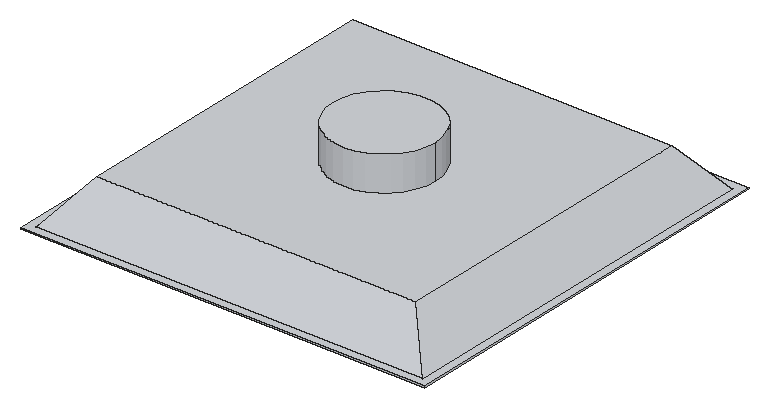
Revit family "CFO", category Air Terminals, Revit 2012
Parameters (values of type "CFO-E-R-06-24")
  URL = "http://www.innes.com.mx"
  Tipo = ""
  Minima velocidad de cuello = 0 FPM
  Minima presión estática = 0.00 in-wg
  Min Flow = 0 CFM
  Máxima velocidad de cuello = 0 FPM
  Máxima presión estática = 0.00 in-wg
  Máximo nivel de ruido (NC) = ""
  Max Flow = 0 CFM
  Material = ""
  Manufacturer = "INNES"
  Cuello redondo [instance] = yes
  Radio A = A Cuello / 2  # 3"
  Cuello cuadrado [instance] = no
  Cuello = ""
  C = B2 - 3"  # 19 3/4"
  B1 = B2 - 4"  # 18 3/4"
  B2 = B Plato - 1"  # 22 3/4"
  B Plato = 23 3/4"
  A1 = A Cuello - 1"  # 5"
  A Cuello = 6"
Types (5): name | URL | Tipo | Minima velocidad de cuello | Minima presión estática | Min Flow | Máxima velocidad de cuello | Máxima presión estática | Max Flow | Material | Manufacturer | Cuello redondo | Radio A | Cuello cuadrado | Cuello | C | B1 | B2 | B Plato | A1 | A Cuello
  (no name) | "http://www.innes.com.mx" | "" | 0 FPM | 0.00 in-wg | 0 CFM | 0 FPM | 0.00 in-wg | 0 CFM | "" | "INNES" | yes | 3" | no | "" | 19 3/4" | 18 3/4" | 22 3/4" | 23 3/4" | 5" | 6"
  CFO-E-C-06-24 | 0" | "" | 0 FPM | 0.00 in-wg | 0 CFM | 0 FPM | 0.00 in-wg | 0 CFM | "" | 0" | no | 3" | yes | "" | 19 3/4" | 18 3/4" | 22 3/4" | 23 3/4" | 5" | 6"
  CFO-E-R-06-24 | "http://www.innes.com.mx" | "" | 0 FPM | 0.00 in-wg | 0 CFM | 0 FPM | 0.00 in-wg | 0 CFM | "" | "INNES" | yes | 3" | no | "" | 19 3/4" | 18 3/4" | 22 3/4" | 23 3/4" | 5" | 6"
  CFO-D-R-06-12 | "http://www.innes.com.mx" | "Doblado" | 400 FPM | 0.019 in-wg | 80 CFM | 2000 FPM | 0.297 in-wg | 315 CFM | "Aluminio/Acero" | "INNES" | yes | 3" | no | "Redondo" | 7 3/4" | 6 3/4" | 10 3/4" | 11 3/4" | 5" | 6"
  CFO-D-R-08-12 | "http://www.innes.com.mx" | "Doblado" | 0 FPM | 0.00 in-wg | 0 CFM | 0 FPM | 0.00 in-wg | 0 CFM | "Aluminio/Acero" | "INNES" | yes | 4" | no | "Redondo" | 7 3/4" | 6 3/4" | 10 3/4" | 11 3/4" | 7" | 8"
Reference planes (in)
  plane 1 "Center (Front/Back)": y = 0
  plane 2: z = 0
  plane 3 "Center (Left/Right)": x = 0
  plane 4: x = -11.375
  plane 5: x = 11.375
  plane 6: y = 11.375
  plane 7: y = -11.375
  plane 8: x = -9.375
  plane 9: x = 9.375
  plane 10: y = 9.375
  plane 11: y = -9.375
  plane 12: x = -11.875
  plane 13: x = 11.875
  plane 14: y = 11.875
  plane 15: y = -11.875
  plane 16: x = -11.375
  plane 17: x = 11.375
  plane 18: y = -11.375
  plane 19: y = 11.375
  plane 20 "ref_1": z = -0.25
  plane 21: x = -9.875
  plane 22: y = -9.875
  plane 23: y = 9.875
  plane 24: x = 9.875
  plane 25 "ref_2": z = 4.5625
  plane 26: x = -3
  plane 27: x = 3
  plane 28: y = -3
  plane 29: y = 3
  plane 30: x = -2.5
  plane 31: y = 2.5
  plane 32: y = -2.5
  plane 33: x = 2.5
  plane 34: x = -3
  plane 35: x = 3
  plane 36: y = -3
  plane 37: y = 3
Forms (in)
  Blend 1, solid
    base sketch origin (0, 0, 0) x (1, 0, 0) y (0, 1, 0)
      loop
        line (-11.375, 11.375) -> (-11.375, -11.375) -> (11.375, -11.375) -> (11.375, 11.375) -> (-11.375, 11.375)
    top sketch origin (0, 0, 0) x (1, 0, 0) y (0, 1, 0)
      loop
        line (-9.375, 9.375) -> (-9.375, -9.375) -> (9.375, -9.375) -> (9.375, 9.375) -> (-9.375, 9.375)
    from 0 to 2.53125
  Extrusion 2, solid
    sketch origin (0, 0, 0) x (1, 0, 0) y (0, 1, 0)
      loop
        line (-11.875, 11.875) -> (-11.875, -11.875) -> (11.875, -11.875) -> (11.875, 11.875) -> (-11.875, 11.875)
      loop
        line (-11.375, 11.375) -> (-11.375, -11.375) -> (11.375, -11.375) -> (11.375, 11.375) -> (-11.375, 11.375)
    from 0 to 0.0625
  Extrusion 3, solid
    sketch origin (0, 0, -0.25) x (-1, 0, 0) y (0, -1, 0)
      loop
        line (9.875, -9.875) -> (9.875, 9.875) -> (-9.875, 9.875) -> (-9.875, -9.875) -> (9.875, -9.875)
    from 0 to 0.0625
  Extrusion 4, solid, visible <- "Cuello cuadrado"
    sketch origin (0, 0, 4.5625) x (-1, 0, 0) y (0, -1, 0)
      loop
        line (3, -3) -> (3, 3) -> (-3, 3) -> (-3, -3) -> (3, -3)
      loop
        line (2.5, -2.5) -> (2.5, 2.5) -> (-2.5, 2.5) -> (-2.5, -2.5) -> (2.5, -2.5)
    from 0 to -2.03125
  Extrusion 5, solid, visible <- "Cuello redondo"
    sketch origin (0, 0, 4.5625) x (-1, 0, 0) y (0, -1, 0)
      loop
        circle (0, 0) r 3
    from 0 to -2.03125
Dimensions and locks (in)
  equal spacing: plane 4, plane 3 "Center (Left/Right)", plane 5
  equal spacing: plane 6, plane 1 "Center (Front/Back)", plane 7
  "B2": plane 4 to plane 5
  "B2": plane 6 to plane 7
  equal spacing: plane 10, plane 1 "Center (Front/Back)", plane 11
  equal spacing: plane 8, plane 3 "Center (Left/Right)", plane 9
  "B1": plane 10 to plane 11
  "B1": plane 8 to plane 9
  equal spacing: plane 12, plane 3 "Center (Left/Right)", plane 13
  equal spacing: plane 14, plane 1 "Center (Front/Back)", plane 15
  "B Plato": plane 14 to plane 15
  "B Plato": plane 12 to plane 13
  equal spacing: plane 19, plane 1 "Center (Front/Back)", plane 18
  "B2": plane 19 to plane 18
  equal spacing: plane 16, plane 3 "Center (Left/Right)", plane 17
  "B2": plane 16 to plane 17
  equal spacing: plane 21, plane 3 "Center (Left/Right)", plane 24
  "C": plane 21 to plane 24
  equal spacing: plane 23, plane 1 "Center (Front/Back)", plane 22
  "C": plane 23 to plane 22
  equal spacing: plane 26, plane 3 "Center (Left/Right)", plane 27
  equal spacing: plane 29, plane 1 "Center (Front/Back)", plane 28
  "A Cuello": plane 29 to plane 28
  "A Cuello": plane 26 to plane 27
  equal spacing: plane 30, plane 3 "Center (Left/Right)", plane 33
  equal spacing: plane 32, plane 1 "Center (Front/Back)", plane 31
  "A1": plane 32 to plane 31
  "A1": plane 30 to plane 33
  "A Cuello": plane 34 to plane 35
  "Radio A": radius of Extrusion 5 sketch curve
  aligned and locked: plane 2 to level
Automatic sketch dimensions
  Blend 1 sketch curve to plane 4 = 0"
  Blend 1 sketch curve to plane 5 = 0"
  Blend 1 sketch curve to plane 7 = 0"
  Blend 1 sketch curve to plane 6 = 0"
  Blend 1 sketch curve to plane 8 = 0"
  Blend 1 sketch curve to plane 9 = 0"
  Blend 1 sketch curve to plane 11 = 0"
  Blend 1 sketch curve to plane 10 = 0"
  Extrusion 2 sketch curve to plane 12 = 0"
  Extrusion 2 sketch curve to plane 16 = 0"
  Extrusion 2 sketch curve to plane 17 = 0"
  Extrusion 2 sketch curve to plane 13 = 0"
  Extrusion 2 sketch curve to plane 15 = 0"
  Extrusion 2 sketch curve to plane 18 = 0"
  Extrusion 2 sketch curve to plane 19 = 0"
  Extrusion 2 sketch curve to plane 14 = 0"
  Extrusion 3 sketch curve to plane 23 = 0"
  Extrusion 3 sketch curve to plane 24 = 0"
  Extrusion 3 sketch curve to plane 21 = 0"
  Extrusion 3 sketch curve to plane 22 = 0"
  Extrusion 4 sketch curve to plane 27 = 0"
  plane 32 to Extrusion 4 sketch curve = 0"
  Extrusion 4 sketch curve to plane 33 = 0"
  Extrusion 4 sketch curve to plane 30 = 0"
  Extrusion 4 sketch curve to plane 26 = 0"
  Extrusion 4 sketch curve to plane 29 = 0"
  plane 31 to Extrusion 4 sketch curve = 0"
  Extrusion 4 sketch curve to plane 28 = 0"
  plane 1 "Center (Front/Back)" to Extrusion 5 sketch curve = 0"
  Extrusion 5 sketch curve to plane 3 "Center (Left/Right)" = 0"
Connectors (in)
  piping at (0, 0, 4.5625), driven by "Radio A"
    settings: on Extrusion 5, index 1, connector radius 3", flow factor 0, pipe flow 0 GPM, pressure drop 0.00 psi, fitting loss kfactor 0, connector angle 0.00°, fixture units 0, engagement length 0", flow configuration 0, flow direction 0, fitting loss method 0, system type 7, joint type 0, gender type 0, connector reference index -1, connector utility 0, adjustable connector no, is connector primary yes, fitting loss table "", connector description ""
  hvac at (0, 0, 4.5625), driven by "A Cuello", driven by "A Cuello"
    settings: on Extrusion 4, index 2, duct flow 0 CFM, flow factor 0, pres drop 0.00 in-wg, loss coef 0, conn angle 0.00°, conn width 6", conn height 6", conn radius 12", duct sys type 3, conn prof type 1, flow config 0, flow direction 0, loss method 0, conn ref index -1, conn util no, is conn primary yes, conn desc ""
